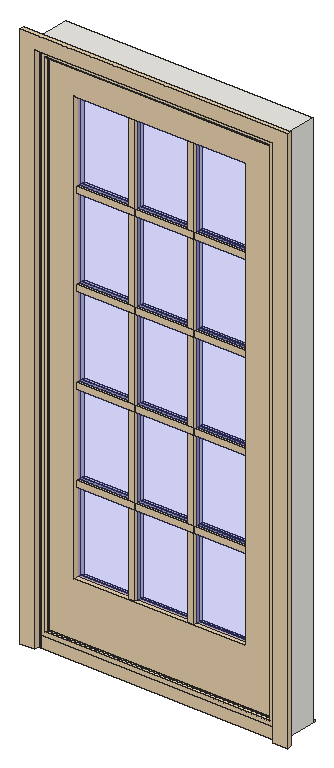
Revit family "1Door-Inswing-Andersen-400_Series-Stationary", category Doors, host Wall, Revit 2013
Parameters
  Visual Light Transmittance = 0.37  # constant formula
  Type Comments = "Vinyl-clad wood stationary inswing door"
  Thermal Resistance (R) = 0.58698  # 3.3330 (h·ft²·°F)/BTU
  Solar Heat Gain Coefficient = 0.16  # constant formula
  Rough Width = Width + (Rough Opening Offset * 2)  # 3' - 1 1/4"
  Rough Opening Offset = 0' - 0 3/8"
  Rough Height = if(1 > 0, Height + 0' 0 1/2", 0' 0")  # 6' - 8 1/2"
  Masonry Width = if(Enter Exterior Trim Number > 0, Width + ((casing4 + Masonry Opening Offset) * 2), Width + (Masonry Opening Offset * 2))  # 3' - 1 1/4"
  Masonry Opening Offset = 0' - 0 3/8"
  Masonry Height = if(Enter Exterior Trim Number > 0, Height + (casing4 + 0' 0 1/2"), Height + 0' 0 1/2")  # 6' - 8 1/2"
  Learn About These Parameters = "http://www.andersenwindows.com/for-professionals/cad-symbols-bim-support-window-doors/bim-support"
  Heat Transfer Coefficient (U) = 1.7035  # 0.3000 BTU/(h·ft²·°F)
  Grille Bar Sizes = "3/4'', 7/8'', 1 1/8'', 2 1/4''"  # constant formula
  Between Glass Grille Bar Sizes = "3/4'', 1''"  # constant formula
  Interior Trim Visibility = yes
  Grille Bar Size = 0' - 0 7/8"
  Enter Pattern Number = 1
  ..Pattern Number 1 = "Colonial"  # constant formula
  . . Lights Wide = 3
  . . Lights High = 5
  ..Pattern Number 2 = "Modified Colonial"  # constant formula
  ..Pattern Number 3 = "Prairie"  # constant formula
  ..Pattern Number 4 = "Short Fractional"  # constant formula
  ..Pattern Number 5 = "Tall Fractional"  # constant formula
  Extension Jamb Visibility = yes
  Enter Exterior Trim Number = 0
  ..Exterior Trim Number 0 = "No Exterior Trim"  # constant formula
  ..Exterior Trim Number 1 = "Brick Mould"  # constant formula
  ..Exterior Trim Number 2 = "3 1/2'' Flat Casing"  # constant formula
  ..Exterior Trim Number 3 = "4 1/2'' Flat Casing"  # constant formula
  Interior Grille Bar Visibility = yes
  Exterior Grille Bar Visibility = yes
  Between Glass Grille Bar Visibility = yes
  xjamb Visibility [instance] = and(Extension Jamb Visibility, Wall Depth > 0' 4 9/16")  # no
  xjamb S1 [instance] = if(Wall Depth < 0' 4 5/8", 0' 0 1/16", 0' 0")  # 0' - 0 1/16"
  casingS2 = if(Enter Exterior Trim Number = 1, 0' 0 3/16", 0' 0 3/16")  # 0' - 0 3/16"
  casingS1 = if(Enter Exterior Trim Number = 1, 0' 0 7/16", 0' 0 3/16")  # 0' - 0 3/16"
  casing4 = if(Enter Exterior Trim Number = 1, 0' 1 3/4", if(Enter Exterior Trim Number = 2, 0' 3 1/4", 0' 4 1/4"))  # 0' - 4 1/4"
  casing3 = 0' - 0 1/2"  # constant formula
  casing2 = 0' - 0 7/8"  # constant formula
  casing1 = 0' - 0 1/4"  # constant formula
  Wall Thickness [instance] = 0' - 8"
  Wall Depth [instance] = 0' - 4 9/16"
  Void Offset 1 [instance] = if(Enter Exterior Trim Number > 0, casing4, 0' 0")  # 0' - 0"
  Void Depth [instance] = if(Wall Thickness > Wall Depth, 0' 1" + Wall Thickness - Wall Depth, 0' 1")  # 0' - 4 7/16"
  VGB DLO = if(Enter Pattern Number = 3, 0' 4", (H DLO - (Grille Bar Size * (V Bars))) / if(LWide > 2, LWide, 3))  # 0' - 7.83333"
  V Bars = if(Enter Pattern Number = 3, 2, if(LWide > 2, LWide - 1, 2))  # 2
  URL = "www.andersenwindows.com"
  TS V DLO = Height - HGO - SGO  # 5' - 3 7/8"
  TS V Bar Length = if(or(Enter Pattern Number = 5, Enter Pattern Number = 2), ((((Height - HGO - SGO - (Grille Bar Size * (Fractional Lights High - 1))) / Fractional Lights High)) * TFL) + (TFB * Grille Bar Size), if(Enter Pattern Number = 4, ((Height - HGO - SGO - (Grille Bar Size * (Fractional Lights High - 1))) / Fractional Lights High), Height - HGO - SGO))  # 5' - 3 7/8"
  TS SH DLO = if(or(Enter Pattern Number = 5, Enter Pattern Number = 2), ((((Height - HGO - SGO - (Grille Bar Size * (Fractional Lights High - 1))) / Fractional Lights High)) * TFL) + (TFB * Grille Bar Size) + HGO + (Grille Bar Size / 2), if(Enter Pattern Number = 4, TS V Bar Length + HGO + (Grille Bar Size / 2), (TS V DLO / 2) + HGO))  # 3' - 1 9/16"
  TS S V = or(and(LWide = 2, Enter Pattern Number = 1), and(Fractional Lights Wide = 2, or(or(Enter Pattern Number = 2, Enter Pattern Number = 4), Enter Pattern Number = 5)))  # no
  TS S H Craftsman = and(Enter Pattern Number = 2, or(Fractional Lights High = 4, Fractional Lights High = 5))  # no
  TS S H = or(or(or(and(. . Lights High = 2, Enter Pattern Number = 1), and(Enter Pattern Number = 4, Fractional Lights High > 1)), and(Enter Pattern Number = 5, Fractional Lights High > 1)), and(Enter Pattern Number = 2, Fractional Lights High > 1))  # no
  TS M V = or(or(or(or(or(and(LWide > 2, Enter Pattern Number = 1), and(LWide > 2, Enter Pattern Number = 2)), Enter Pattern Number = 3), Enter Pattern Number = 4), Enter Pattern Number = 5), and(LWide > 2, Enter Pattern Number = 6))  # yes
  TS M H = or(or(Enter Pattern Number = 3, and(. . Lights High > 2, Enter Pattern Number = 1)), and(Enter Pattern Number = 2, Fractional Lights High > 5))  # yes
  TS HGB DLO = if(Enter Pattern Number = 1, if(. . Lights High > 2, ((TS V Bar Length - (Grille Bar Size * (. . Lights High - 1))) / . . Lights High), 0' 4"), if(Enter Pattern Number = 3, 0' 4", if(Fractional Lights High > 2, ((TS V Bar Length - (Grille Bar Size * 2)) / 3), 0' 4")))  # 1' - 0.075"
  TS H Bars = if(Enter Pattern Number = 3, 2, if(Enter Pattern Number = 1, if(. . Lights High > 2, . . Lights High - 1, 2), 2))  # 4
  TFL = if(Fractional Lights High > 5, 3, if(or(Fractional Lights High = 4, Fractional Lights High = 5), 2, if(or(Fractional Lights High = 2, Fractional Lights High = 3), 1, 1)))  # 3
  TFB = TFL - 1  # 2
  Sill Interior Offset [instance] = 0' - 0"  # constant formula
  Sill Height [instance] = 0' - 1 11/16"  # constant formula
  Panel Bottom Inset [instance] = 0' - 1 7/8"  # constant formula
  Sill Depth [instance] = 0' - 6 7/32"  # constant formula
  SGO = 0' - 10 1/2"  # constant formula
  Product Documentation Link = "http://www.andersenwindows.com/products/400-series-frenchwood-hinged-patio-door/"
  Panel Width = Width - 0' 1 3/16" - 0' 1 3/16"  # 2' - 10 1/8"
  Panel Height [instance] = CTRL Height - 0' 1 3/16" - Panel Bottom Inset  # 6' - 4 15/16"
  Nail Fin Visibility = Enter Exterior Trim Number = 0  # yes
  Model = "400 Series"  # constant formula
  Manufacturer = "Andersen Corporation"  # constant formula
  LWide = if(Enter Pattern Number = 3, 3, if(Enter Pattern Number = 1, . . Lights Wide, Fractional Lights Wide))  # 3
  JGO = 0' - 5 5/8"  # constant formula
  Is Outswing = 1 = 1  # yes
  Interior Unit Finish = Wood - Andersen - Pine
  Interior Trim Size = 0' - 2 1/4"
  HGO = 0' - 5 5/8"  # constant formula
  H DLO = Width - (JGO * 2)  # 2' - 1 1/4"
  Glazing Material = Glass ‐ Andersen - Low-E4 SmartSun
  Function = Exterior
  Height = 6' - 8"
  Wall Closure = By host
  Width = 3' - 0 1/2"
  Frame Interior Inset [instance] = 0' - 0"  # constant formula
  Frame Depth [instance] = 0' - 5 7/8"  # constant formula
  Fractional Lights Wide = 4
  Fractional Lights High = 6
  Family Version = "06.01.14"  # constant formula
  Exterior Unit Finish = Fiberglass - Andersen - White
  Exterior Trim Finish = Fibrex Composite - Andersen - White
  Designation = "FWH"
  Description = "Vinyl-clad wood stationary inswing door"  # constant formula
  Coarse Plan [instance] = if(Wall Depth > Wall Thickness, Wall Thickness, Wall Depth)  # 0' - 4 9/16"
  Casing Visibility [instance] = Enter Exterior Trim Number > 0  # no
  CTRL Height [instance] = Height  # 6' - 8"
  Between Glass Grille Bar Finish = Stainless Steel - Andersen - Standard
  BS V DLO = Height - HGO - SGO  # 5' - 3 7/8"
  BS SH DLO = if(Enter Pattern Number = 5, SGO + 0' 4" + (Grille Bar Size / 2), (BS V DLO / 2) + SGO)  # 3' - 6 7/16"
  BS S V = and(LWide = 2, Enter Pattern Number = 1)  # no
  BS M V = or(or(and(LWide > 2, Enter Pattern Number = 1), Enter Pattern Number = 3), Enter Pattern Number = 5)  # yes
  Assembly Code = "B2030100"
Reference planes (in)
  plane 1 "Center (Front/Back)": y = 0
  plane 2 "Center (Left/Right)": x = 0
  plane 3 "R Frame": x = -18.25
  plane 4 "L Frame": x = 18.25
  plane 5 "T Frame": z = 80
  plane 6 "Wall S1": y = 4
  plane 7 "Wall S2": y = -4
  plane 8 "Interior Casing": y = -4.625
  plane 9 "Frame S2": y = -4
  plane 10 "Flange": y = 0.5625
  plane 11 "Casing S2": y = 2.0625
  plane 12 "Casing S1": y = 2.0625
  plane 13 "Exterior Offset": y = 5
  plane 14 "Coarse Detail Plan": y = 1.5625
  plane 15 "R Rough Opening": x = -18.625
  plane 16 "R Casing 1": x = -18
  plane 17 "R Casing 2": x = -21.625
  plane 18 "R Casing 3": x = -22
  plane 19 "R Casing 4": x = -22.5
  plane 20 "R Masonry Opening": x = -18.625
  plane 21 "L Masonry Opening": x = 18.625
  plane 22 "L Casing 4": x = 22.5
  plane 23 "L Casing 3": x = 22
  plane 24 "L Casing 2": x = 21.625
  plane 25 "L Casing 1": x = 18
  plane 26 "L Rough Opening": x = 18.625
  plane 27 "T Rough Opening": z = 80.5
  plane 28 "T Casing 1": z = 79.75
  plane 29 "T Casing 2": z = 83.375
  plane 30 "T Casing 3": z = 83.75
  plane 31 "T Casing 4": z = 84.25
  plane 32 "T Masonry Opening": z = 80.5
  plane 33 "R Int Casing": x = -19.75
  plane 34 "R Xjamb 2": x = -18.125
  plane 35 "R Ext Frame": x = -17.21875
  plane 36 "L Int Casing": x = 19.75
  plane 37 "L Xjamb 2": x = 18.125
  plane 38 "L Ext Frame": x = 17.21875
  plane 39 "T Int Casing": z = 81.21875
  plane 40 "T Xjamb 2": z = 79.875
  plane 41 "T Ext Frame": z = 78.96875
  plane 42 "L Panel": x = 17.0625
  plane 43 "R Panel": x = -17.0625
  plane 44 "T Panel": z = 78.8125
  plane 45 "B Panel": z = 1.875
  plane 46 "B Glazing": z = 10.5
  plane 47 "T Glazing": z = 74.375
  plane 48 "L Glazing": x = 12.625
  plane 49 "R Glazing": x = -12.625
  plane 50 "Panel1 S1": y = -1.8125
  plane 51 "Panel1 S2": y = -3.53125
  plane 52 "Xjamb S1": y = -3.9375
  plane 53 "Frame S1": y = 1.875
  plane 54 "Stop Exterior": y = -0.64368
  plane 55 "Stop Interior": y = -1.781
  plane 56 "Sill Interior": y = -4
  plane 57 "Sill Exterior": y = 2.21875
  plane 58 "L Stop": x = 16.1875
  plane 59 "R Stop": x = -16.1875
  plane 60 "T Stop": z = 77.9375
  plane 61 "Sill Height": z = 1.6875
  plane 62 "Glass1 S1": y = -2.21875
  plane 63 "Glass1 S3": y = -2.8125
  plane 64 "Glass1 S2": y = -2.375
  plane 65 "Glass1 S4": y = -2.96875
  plane 66 "Vert Bar length": z = 10.5
  plane 67 "L Xjamb 1": x = 17.5
  plane 68 "R Xjamb S1": x = -17.5
  plane 69 "T Xjamb S1": z = 79.25
  plane 70 "Center Elevation": z = 40.34375
Forms (in)
  Extrusion 1, void
    sketch origin (0, 0, 0) x (1, 0, 0) y (0, 0, 1)
      loop
        line (18.25, 80) -> (-18.25, 80) -> (-18.25, 0) -> (18.25, 0) -> (18.25, 80)
    from -0.5625 to 4
  Extrusion 2, void
    sketch origin (0, 0, 0) x (1, 0, 0) y (0, 0, 1)
      loop
        line (18.25, 80) -> (-18.25, 80) -> (-18.25, 0) -> (18.25, 0) -> (18.25, 80)
    from -16 to -0.5625
  Sweep 3, solid, material "Fibrex Composite - Andersen - White" <- "Exterior Trim Finish", visible <- "Casing Visibility", detail levels medium+fine
    path origin (0, 0.5625, 0) x (-1, 0, 0) y (0, 0, 1)
      loop
        line (-22.5, 0) -> (-22.5, 84.25) -> (22.5, 84.25) -> (22.5, 0)
    profile origin (22.5, 0.5625, 42.125) x (1, 0, 0) y (0, 1, 0)
      loop
        line (-0.875, 1.5) -> (-4.5, 1.5) -> (-4.5, 0) -> (0, 0) -> (0, 1.5) -> (-0.5, 1.5) -> (-0.875, 1.5)
  Extrusion 4, solid, material "Fibrex Composite - Andersen - White" <- "Exterior Trim Finish", visible <- "Casing Visibility", detail levels coarse
    sketch origin (0, 0.5625, 0) x (-1, 0, 0) y (0, 0, 1)
      loop
        line (-18, 79.75) -> (18, 79.75) -> (18, 0) -> (22.5, 0) -> (22.5, 84.25) -> (-22.5, 84.25) -> (-22.5, 0) -> (-18, 0) -> (-18, 79.75)
    from 0 to 1.4375
  Extrusion 5, solid, material "Wood - Andersen - Pine" <- "Interior Unit Finish", visible <- "Interior Trim Visibility", detail levels fine
    sketch origin (0, 0, 0) x (1, 0, 0) y (0, 0, 1)
      loop
        line (-17.5, 79.25) -> (17.5, 79.25) -> (17.5, 0) -> (19.75, 0) -> (19.75, 81.21875) -> (-19.75, 81.21875) -> (-19.75, 0) -> (-17.5, 0) -> (-17.5, 79.25)
    from 4 to 4.625
  Extrusion 6, solid, material "Wood - Andersen - Pine" <- "Interior Unit Finish", visible <- "xjamb Visibility", detail levels medium+fine
    sketch origin (0, 0, 0) x (1, 0, 0) y (0, 0, 1)
      loop
        line (-18.125, 0) -> (-17.5, 0) -> (-17.5, 79.25) -> (17.5, 79.25) -> (17.5, 0) -> (18.125, 0) -> (18.125, 79.875) -> (-18.125, 79.875) -> (-18.125, 0)
    from 3.9375 to 4
  Sweep 7, solid, material "Fiberglass - Andersen - White" <- "Exterior Unit Finish", detail levels medium+fine
    path origin (0, 0.5625, 0) x (-1, 0, 0) y (0, 0, 1)
      loop
        line (-18.25, 0) -> (-18.25, 80) -> (18.25, 80) -> (18.25, 0)
    profile origin (18.25, 0.5625, 40) x (1, 0, 0) y (0, 1, 0)
      loop
        line (0, -4.5625) -> (0, 1.3125) -> (-1.03125, 1.3125) -> (-1.03125, 0.19085) -> (-1.375, -0.04984) -> (-1.375, -1.051) -> (-2.0625, -1.20618) -> (-2.0625, -2.3435) -> (-1.61, -2.3435) -> (-1.61, -2.7805) -> (-1.03125, -2.7805) -> (-1.03125, -4.5625) -> (0, -4.5625)
  Sweep 8, solid, material "Fiberglass - Andersen - White" <- "Exterior Unit Finish", detail levels coarse
    path origin (-0.30351, 0.5625, 0) x (-1, 0, 0) y (0, 0, 1)
      loop
        line (-18.55351, 0) -> (-18.55351, 80) -> (17.94649, 80) -> (17.94649, 0)
    profile origin (18.25, 0.5625, 40) x (1, 0, 0) y (0, 1, 0)
      loop
        line (-1.03125, -4.5625) -> (0, -4.5625) -> (0, 1.3125) -> (-1.03125, 1.3125) -> (-1.03125, -4.5625)
  Sweep 9, solid, material "Aluminum - Andersen - Painted - Sandtone", detail levels medium+fine
    path origin (0, 0.5625, 0) x (-1, 0, 0) y (0, 0, 1)
      loop
        line (-18.25, 0) -> (18.25, 0)
    profile origin (0, 0.5625, 0) x (0, 0, 1) y (0, 1, 0)
      loop
        line (0.766, 0.0005) -> (0.25, 0.0005) -> (0.17176, 1.65625) -> (0, 1.65625) -> (0, -4.5625) -> (1.6875, -4.5625) -> (1.6875, -2.7805) -> (2.172, -2.7805) -> (2.172, -2.3745) -> (0.97176, -2.3745) -> (0.766, 0.0005)
  Sweep 10, solid, material "Aluminum - Andersen - Painted - Sandtone", detail levels coarse
    path origin (0, 0.5625, 0) x (-1, 0, 0) y (0, 0, 1)
      loop
        line (-18.25, 1.875) -> (18.25, 1.875)
    profile origin (0, 0.5625, 1.875) x (0, 0, 1) y (0, 1, 0)
      loop
        line (0, 1.65625) -> (-1.875, 1.65625) -> (-1.875, -4.5625) -> (0, -4.5625) -> (0, 1.65625)
  Sweep 11, solid, material "Wood - Andersen - Pine" <- "Interior Unit Finish"
    path origin (0, 0.5625, 4.24484) x (-1, 0, 0) y (0, 0, 1)
      loop
        line (-12.625, 6.25516) -> (12.625, 6.25516)
    profile origin (0, 0.5625, 10.5) x (0, 0, 1) y (0, 1, 0)
      loop
        line (-8.625, -4.09375) -> (0, -4.09375) -> (0, -2.78125) -> (-8.625, -2.78125) -> (-8.625, -4.09375)
      loop
        line (63.875, -4.09375) -> (68.3125, -4.09375) -> (68.3125, -2.78125) -> (63.875, -2.78125) -> (63.875, -4.09375)
  Sweep 12, solid, material "Fiberglass - Andersen - White" <- "Exterior Unit Finish"
    path origin (0, -2.21875, 0) x (-1, 0, 0) y (0, 0, 1)
      loop
        line (-12.625, 10.5) -> (12.625, 10.5)
    profile origin (0, -2.21875, 10.5) x (0, 0, 1) y (0, 1, 0)
      loop
        line (-8.625, 0) -> (0, 0) -> (0, 0.40625) -> (-8.625, 0.40625) -> (-8.625, 0)
      loop
        line (63.875, 0) -> (68.3125, 0) -> (68.3125, 0.40625) -> (63.875, 0.40625) -> (63.875, 0)
  Sweep 13, solid, material "Wood - Andersen - Pine" <- "Interior Unit Finish"
    path origin (0, 0.5625, 0) x (-1, 0, 0) y (0, 0, 1)
      loop
        line (0, 1.875) -> (0, 78.8125)
    profile origin (0, 0.5625, 40.34375) x (1, 0, 0) y (0, 1, 0)
      loop
        line (-17.0625, -2.78125) -> (-17.0625, -4.09375) -> (-12.625, -4.09375) -> (-12.625, -2.78125) -> (-17.0625, -2.78125)
      loop
        line (17.0625, -2.78125) -> (12.625, -2.78125) -> (12.625, -4.09375) -> (17.0625, -4.09375) -> (17.0625, -2.78125)
  Sweep 14, solid, material "Fiberglass - Andersen - White" <- "Exterior Unit Finish"
    path origin (0.20798, 0.5625, 0) x (-1, 0, 0) y (0, 0, 1)
      loop
        line (0.20798, 1.875) -> (0.20798, 78.8125)
    profile origin (0, 0.5625, 40.34375) x (1, 0, 0) y (0, 1, 0)
      loop
        line (-17.0625, -2.375) -> (-17.0625, -2.78125) -> (-12.625, -2.78125) -> (-12.625, -2.375) -> (-17.0625, -2.375)
      loop
        line (17.0625, -2.375) -> (12.625, -2.375) -> (12.625, -2.78125) -> (17.0625, -2.78125) -> (17.0625, -2.375)
  Sweep 15, void
    path origin (0, 0.5625, 0) x (-1, 0, 0) y (0, 0, 1)
      loop
        line (17.0625, 1.875) -> (17.0625, 78.8125) -> (-17.0625, 78.8125) -> (-17.0625, 1.875) -> (17.0625, 1.875)
    profile origin (0, 0.5625, 1.875) x (0, 0, -1) y (0, 1, 0)
      loop
        line (-0.297, -2.375) -> (-0.297, -2.81175) -> (0, -2.81175) -> (0, -2.375) -> (-0.297, -2.375)
  Sweep 16, solid, material "Glass ‐ Andersen - Low-E4 SmartSun" <- "Glazing Material"
    path origin (0, 0, 0) x (0, 1, 0) y (0, 0, 1)
      loop
        line (-2.21875, 10.5) -> (-2.8125, 10.5)
    profile origin (0, -2.51562, 10.5) x (0, 0, -1) y (1, 0, 0)
      loop
        line (-63.875, 12.625) -> (-63.875, -12.625) -> (0, -12.625) -> (0, 12.625) -> (-63.875, 12.625)
  Sweep 17, solid, material "Wood - Andersen - Pine" <- "Interior Unit Finish", detail levels medium+fine
    path origin (0, 0.5625, 0.11822) x (-1, 0, 0) y (0, 0, 1)
      loop
        line (-17.21875, 1.56928) -> (17.21875, 1.56928) -> (17.21875, 78.85053) -> (-17.21875, 78.85053) -> (-17.21875, 1.56928)
    profile origin (0, 0.5625, 1.6875) x (0, 0, 1) y (0, 1, 0)
      loop
        line (0, -4.09375) -> (0, -4.5935) -> (0.63827, -4.5935) -> (0.8433, -4.3415) -> (0.8743, -4.1555) -> (0.8743, -4.09375) -> (0, -4.09375)
  Sweep 18, void
    path origin (0, 0, 0) x (1, 0, 0) y (0, 0, 1)
      loop
        line (0, 0) -> (0, 1.875)
    profile origin (0, 0, 0.9375) x (-1, 0, 0) y (0, -1, 0)
      loop
        line (-17.21875, -1.875) -> (-17.21875, 4) -> (-18.25, 4) -> (-18.25, -1.875) -> (-17.21875, -1.875)
      loop
        line (17.21875, -1.875) -> (18.25, -1.875) -> (18.25, 4) -> (17.21875, 4) -> (17.21875, -1.875)
  Sweep 19, void
    path origin (-10.25, 0.5625, 0) x (-1, 0, 0) y (0, 0, 1)
      loop
        line (-10.25, 0) -> (-10.25, 10.5)
    profile origin (0, 0.5625, 5.25) x (1, 0, 0) y (0, 1, 0)
      loop
        line (18.25, -4.5625) -> (18.25, 1.3125) -> (17.21875, 1.3125) -> (17.21875, 0.19085) -> (16.875, -0.04984) -> (16.875, -1.051) -> (16.1875, -1.20618) -> (16.1875, -2.3435) -> (16.64, -2.3435) -> (16.64, -2.7805) -> (17.21875, -2.7805) -> (17.21875, -4.5625) -> (18.25, -4.5625)
      loop
        line (-18.25, -4.5625) -> (-17.21875, -4.5625) -> (-17.21875, -2.7805) -> (-16.64, -2.7805) -> (-16.64, -2.3435) -> (-16.1875, -2.3435) -> (-16.1875, -1.20618) -> (-16.875, -1.051) -> (-16.875, -0.04984) -> (-17.21875, 0.19085) -> (-17.21875, 1.3125) -> (-18.25, 1.3125) -> (-18.25, -4.5625)
Cuts and joins
  Sweep 15 cuts Sweep 11
  Sweep 15 cuts Sweep 13
  joined: Sweep 11, Sweep 13
  Sweep 15 cuts Sweep 12
  Sweep 15 cuts Sweep 14
  joined: Sweep 12, Sweep 14
  Sweep 18 cuts Sweep 10
  Sweep 19 cuts Sweep 9
Lines and regions (in)
  Masking region 1, visible <- "Casing Visibility"
    outline origin (0, 0, 0) x (0, 1, 0) y (0, 0, 1)
      loop
        line (0.5625, 80) -> (1.875, 80) -> (1.875, 0) -> (2.0625, 0) -> (2.0625, 84.25) -> (0.5625, 84.25) -> (0.5625, 80)
  Masking region 2
    outline origin (0, 0, 0) x (1, 0, 0) y (0, 1, 0)
      loop
        line (-18.25, 2.21875) -> (-18.25, -4) -> (18.25, -4) -> (18.25, 2.21875) -> (-18.25, 2.21875)
  Masking region 3
    outline origin (0, 0, 0) x (0, 1, 0) y (0, 0, 1)
      loop
        line (1.875, 80) -> (-4, 80) -> (-4, 0) -> (1.875, 0) -> (1.875, 80)
  Masking region 4, visible <- "Casing Visibility", detail levels fine
    outline origin (0, 0, 0) x (1, 0, 0) y (0, 1, 0)
      loop
        line (-22, 2.0625) -> (-22.5, 2.0625) -> (-22.5, 0.5625) -> (-18.25, 0.5625) -> (-18.25, 1.875) -> (-18, 1.875) -> (-18, 2.0625) -> (-21.625, 2.0625) -> (-22, 2.0625)
  Masking region 5, visible <- "Casing Visibility", detail levels fine
    outline origin (0, 0, 0) x (1, 0, 0) y (0, 1, 0)
      loop
        line (22, 2.0625) -> (21.625, 2.0625) -> (18, 2.0625) -> (18, 1.875) -> (18.25, 1.875) -> (18.25, 0.5625) -> (22.5, 0.5625) -> (22.5, 2.0625) -> (22, 2.0625)
  Masking region 6, visible <- "Casing Visibility", detail levels coarse+medium
    outline origin (0, 0, 0) x (1, 0, 0) y (0, 1, 0)
      loop
        line (-22.5, 2.0625) -> (-22.5, 0.5625) -> (-18.25, 0.5625) -> (-18.25, 2.0625) -> (-22.5, 2.0625)
  Masking region 7, visible <- "Casing Visibility", detail levels coarse+medium
    outline origin (0, 0, 0) x (1, 0, 0) y (0, 1, 0)
      loop
        line (18.25, 2.0625) -> (18.25, 0.5625) -> (22.5, 0.5625) -> (22.5, 2.0625) -> (18.25, 2.0625)
  Masking region 8, visible <- "Casing Visibility"
    outline origin (0, 2.625, 0) x (-1, 0, 0) y (0, 0, 1)
      loop
        line (-22.5, 84.25) -> (-22.5, 0) -> (-18.25, 0) -> (-18.25, 80) -> (18.25, 80) -> (18.25, 0) -> (22.5, 0) -> (22.5, 84.25) -> (-22.5, 84.25)
  Masking region 9, visible <- "Interior Trim Visibility", detail levels fine
    outline origin (0, -4.625, 0) x (-1, 0, 0) y (0, 0, 1)
      loop
        line (-19.75, 81.21875) -> (-19.75, 0) -> (-18.25, 0) -> (-18.25, 80) -> (18.25, 80) -> (18.25, 0) -> (19.75, 0) -> (19.75, 81.21875) -> (-19.75, 81.21875)
  Masking region 10
    outline origin (0, -0.64368, 0) x (-1, 0, 0) y (0, 0, 1)
      loop
        line (-18.25, 80) -> (-18.25, 0) -> (18.25, 0) -> (18.25, 80) -> (-18.25, 80)
      loop
        line (-16.1875, 77.9375) -> (-16.1875, 1.6875) -> (16.1875, 1.6875) -> (16.1875, 77.9375) -> (-16.1875, 77.9375)
  Masking region 11
    outline origin (0, -1.8125, 0) x (-1, 0, 0) y (0, 0, 1)
      loop
        line (-17.0625, 78.8125) -> (-17.0625, 1.875) -> (17.0625, 1.875) -> (17.0625, 78.8125) -> (-17.0625, 78.8125)
  Masking region 12, visible <- "Interior Trim Visibility", detail levels fine
    outline origin (0, 0, 0) x (1, 0, 0) y (0, 1, 0)
      loop
        line (-19.75, -4) -> (-19.75, -4.625) -> (-17.5, -4.625) -> (-17.5, -4) -> (-19.75, -4)
  Masking region 13, visible <- "xjamb Visibility", detail levels medium+fine
    outline origin (0, 0, 0) x (1, 0, 0) y (0, 1, 0)
      loop
        line (-18.125, -3.9375) -> (-18.125, -4) -> (-17.5, -4) -> (-17.5, -3.9375) -> (-18.125, -3.9375)
  Masking region 14, visible <- "Interior Trim Visibility", detail levels fine
    outline origin (0, 0, 0) x (1, 0, 0) y (0, 1, 0)
      loop
        line (17.5, -4) -> (17.5, -4.625) -> (19.75, -4.625) -> (19.75, -4) -> (17.5, -4)
  Masking region 15, visible <- "xjamb Visibility", detail levels medium+fine
    outline origin (0, 0, 0) x (1, 0, 0) y (0, 1, 0)
      loop
        line (17.5, -3.9375) -> (17.5, -4) -> (18.125, -4) -> (18.125, -3.9375) -> (17.5, -3.9375)
  Masking region 16, visible <- "xjamb Visibility", detail levels medium+fine
    outline origin (0, 0, 0) x (0, 1, 0) y (0, 0, 1)
      loop
        line (-3.9375, 79.875) -> (-4, 79.875) -> (-4, 0) -> (-3.9375, 0) -> (-3.9375, 79.875)
  Masking region 17, visible <- "Interior Trim Visibility", detail levels fine
    outline origin (0, 0, 0) x (0, 1, 0) y (0, 0, 1)
      loop
        line (-4, 81.21875) -> (-4.625, 81.21875) -> (-4.625, 0) -> (-4, 0) -> (-4, 81.21875)
  Split face 1
    outline origin (18.25, 2.21875, 1.875) x (-1, 0, 0) y (0, -1, 0)
      loop
        line (36.5, 4.4375) -> (0, 4.4375)
  Split face 2
    outline origin (-17.21875, -4, 78.96875) x (0, 0, -1) y (0, 1, 0)
      loop
        line (0, 1.78125) -> (78.96875, 1.78125)
  Split face 3
    outline origin (17.21875, -4, 78.96875) x (0, 1, 0) y (-1, 0, 0)
      loop
        line (1.78125, 34.4375) -> (1.78125, 0)
  Split face 4
    outline origin (17.21875, -4, 0) x (0, 0, 1) y (0, 1, 0)
      loop
        line (78.96875, 1.78125) -> (0, 1.78125)
  symbolic lines, style "DoorsFrameMullionProjection", visible <- "Casing Visibility", detail levels medium+fine
    curve 1: line (0, 2.0625, 83.75) -> (0, 2.0625, 83.375)
    curve 2: line (0, 2.0625, 83.375) -> (0, 2.0625, 79.75)
    curve 3: line (0, 2.0625, 79.75) -> (0, 1.875, 79.75)
  symbolic lines, style "DoorsFrameMullionProjection", detail levels coarse
    curve 4: line (0, 1.875, 80) -> (0, 2.0625, 80)
    curve 31: line (-17.21875, 1.875, 1.875) -> (-18.25, 1.875, 1.875)
    curve 32: line (17.21875, 1.875, 1.25) -> (17.21875, -4, 1.25)
    curve 33: line (17.21875, 1.875, 1.25) -> (18.25, 1.875, 1.25)
    curve 46: line (-17.21875, 1.875, 1.25) -> (-17.21875, -4, 1.25)
    curve 47: line (-17.21875, 1.875, 1.25) -> (-18.25, 1.875, 1.25)
    curve 84: line (0, 2.21875, 0) -> (0, 2.21875, 1.6875)
    curve 85: line (0, 2.21875, 1.6875) -> (0, -4, 1.6875)
    curve 231: line (18.125, 1.875, 1.875) -> (17.21875, 1.875, 1.875)
    curve 234: line (0, -4, 78.96875) -> (0, 1.875, 78.96875)
    curve 265: line (0, -2.46775, 78.8125) -> (0, -1.8125, 78.8125)
    curve 266: line (0, -1.8125, 78.8125) -> (0, -1.8125, 78.19615)
  symbolic lines, style "DoorsFrameMullionProjection", detail levels medium+fine
    curve 5: line (-17.875, -4, 1.875) -> (-18.25, -4, 1.875)
    curve 34: line (17.21875, -4, 1.25) -> (17.21875, -2.218, 1.25)
    curve 35: line (17.21875, -2.218, 1.25) -> (16.64, -2.218, 1.25)
    curve 36: line (16.1875, -1.781, 1.25) -> (16.1875, -0.64368, 1.25)
    curve 37: line (16.875, 0.51266, 1.25) -> (17.21875, 0.75335, 1.25)
    curve 38: line (17.21875, 0.75335, 1.25) -> (17.21875, 1.875, 1.25)
    curve 39: line (18.25, 1.875, 1.25) -> (18.25, -4, 1.25)
    curve 41: line (16.64, -1.781, 1.25) -> (16.1875, -1.781, 1.25)
    curve 42: line (16.64, -2.218, 1.25) -> (16.64, -1.781, 1.25)
    curve 43: line (16.875, -0.4885, 1.25) -> (16.875, 0.51266, 1.25)
    curve 44: line (16.1875, -0.64368, 1.25) -> (16.875, -0.4885, 1.25)
    curve 48: line (-17.21875, -4, 1.25) -> (-17.21875, -2.218, 1.25)
    curve 49: line (-17.21875, -2.218, 1.25) -> (-16.64, -2.218, 1.25)
    curve 50: line (-16.1875, -1.781, 1.25) -> (-16.1875, -0.64368, 1.25)
    curve 51: line (-16.875, 0.51266, 1.25) -> (-17.21875, 0.75335, 1.25)
    curve 52: line (-17.21875, 0.75335, 1.25) -> (-17.21875, 1.875, 1.25)
    curve 53: line (-18.25, 1.875, 1.25) -> (-18.25, -4, 1.25)
    curve 55: line (-16.64, -1.781, 1.25) -> (-16.1875, -1.781, 1.25)
    curve 56: line (-16.64, -2.218, 1.25) -> (-16.64, -1.781, 1.25)
    curve 57: line (-16.875, -0.4885, 1.25) -> (-16.875, 0.51266, 1.25)
    curve 58: line (-16.1875, -0.64368, 1.25) -> (-16.875, -0.4885, 1.25)
    curve 86: line (0, 0.5625, 0.25002) -> (0, 2.21875, 0.17176)
    curve 87: line (0, 2.21875, 0.17176) -> (0, 2.21875, 0)
    curve 88: line (0, -4, 0) -> (0, -4, 1.6875)
    curve 89: line (0, -1.812, 0.97176) -> (0, -1.812, 2.172)
    curve 90: line (0, -1.812, 0.97176) -> (0, 0.5625, 0.76604)
    curve 91: line (0, 0.5625, 0.76604) -> (0, 0.5625, 0.25002)
    curve 92: line (0, -2.218, 1.6875) -> (0, -2.218, 2.172)
    curve 93: line (0, -2.218, 2.172) -> (0, -1.812, 2.172)
    curve 94: line (0, -4, 1.6875) -> (0, -2.218, 1.6875)
    curve 235: line (0, -0.64368, 77.9375) -> (0, -1.781, 77.9375)
    curve 236: line (0, -0.4885, 78.625) -> (0, -0.64368, 77.9375)
    curve 237: line (0, -0.4885, 78.625) -> (0, 0.51266, 78.625)
    curve 238: line (0, 0.51266, 78.625) -> (0, 0.75335, 78.96875)
    curve 239: line (0, 0.75335, 78.96875) -> (0, 1.875, 78.96875)
    curve 242: line (0, -4, 80) -> (0, 1.875, 80)
    curve 243: line (0, -1.781, 78.39) -> (0, -1.781, 77.9375)
    curve 244: line (0, -2.218, 78.39) -> (0, -1.781, 78.39)
    curve 245: line (0, -2.218, 78.96875) -> (0, -2.218, 78.39)
    curve 246: line (0, -4, 78.96875) -> (0, -2.218, 78.96875)
    curve 250: line (0, -2.45699, 78.19615) -> (0, -1.8125, 78.19615)
    curve 251: line (0, -2.46775, 78.8125) -> (0, -2.45699, 78.19615)
    curve 267: line (17.21875, -4.031, 1.25) -> (16.58048, -4.031, 1.25)
    curve 268: line (16.37545, -3.779, 1.25) -> (16.34445, -3.593, 1.25)
    curve 269: line (16.58048, -4.031, 1.25) -> (16.37545, -3.779, 1.25)
    curve 270: line (16.34445, -3.593, 1.25) -> (16.34445, -3.53358, 1.25)
    curve 271: line (17.21875, -4.031, 1.25) -> (17.21875, -4, 1.25)
    curve 277: line (-17.21875, -4.031, 1.25) -> (-16.58048, -4.031, 1.25)
    curve 278: line (-16.37545, -3.779, 1.25) -> (-16.34445, -3.593, 1.25)
    curve 279: line (-16.58048, -4.031, 1.25) -> (-16.37545, -3.779, 1.25)
    curve 280: line (-16.34445, -3.593, 1.25) -> (-16.34445, -3.53358, 1.25)
    curve 281: line (-17.21875, -4.031, 1.25) -> (-17.21875, -4, 1.25)
    curve 282: line (0, -3.779, 2.5308) -> (0, -3.593, 2.5618)
    curve 283: line (0, -3.593, 2.5618) -> (0, -3.531, 2.5618)
    curve 284: line (0, -4.031, 2.32577) -> (0, -3.779, 2.5308)
    curve 285: line (0, -4.031, 1.6875) -> (0, -4.031, 2.32577)
    curve 286: line (0, -4.031, 1.6875) -> (0, -4, 1.6875)
    curve 292: line (0, -3.779, 78.12545) -> (0, -3.593, 78.09445)
    curve 293: line (0, -3.593, 78.09445) -> (0, -3.53075, 78.09445)
    curve 294: line (0, -4.031, 78.33048) -> (0, -3.779, 78.12545)
    curve 295: line (0, -4.031, 78.96875) -> (0, -4.031, 78.33048)
    curve 296: line (0, -4.031, 78.96875) -> (0, -4, 78.96875)
    curve 302: line (17.21875, -3.53125, 1.25) -> (17.0625, -3.53125, 1.25)
    curve 304: line (-17.21875, -3.53125, 1.25) -> (-17.0625, -3.53125, 1.25)
    curve 305: line (0, -3.53125, 1.6875) -> (0, -3.53125, 1.875)
    curve 307: line (0, -3.53125, 78.96875) -> (0, -3.53125, 78.8125)
  symbolic lines, style "DoorsFrameMullionProjection"
    curve 6: line (16.1875, -0.64368, 1.6875) -> (16.1875, -0.64368, 0)
    curve 7: line (-16.1875, -0.64368, 1.6875) -> (-16.1875, -0.64368, 0)
    curve 8: line (-17.21875, -1.8125, 78.96875) -> (-17.21875, -1.8125, 0)
    curve 9: line (17.21875, -1.8125, 78.96875) -> (17.21875, -1.8125, 0)
    curve 13: line (-17.21875, -1.8125, 78.96875) -> (17.21875, -1.8125, 78.96875)
    curve 40: line (18.25, -4, 1.25) -> (17.21875, -4, 1.25)
    curve 45: line (18.25, 1.875, 1.25) -> (17.21875, 1.875, 1.25)
    curve 54: line (-18.25, -4, 1.25) -> (-17.21875, -4, 1.25)
    curve 59: line (-18.25, 1.875, 1.25) -> (-17.21875, 1.875, 1.25)
    curve 240: line (0, 1.875, 78.96875) -> (0, 1.875, 80)
    curve 241: line (0, -4, 78.96875) -> (0, -4, 80)
    curve 247: line (0, -1.8125, 78.19615) -> (0, -1.8125, 74.375)
    curve 248: line (0, -3.53075, 78.8125) -> (0, -3.53075, 74.375)
    curve 249: line (0, -3.53075, 78.8125) -> (0, -2.46775, 78.8125)
    curve 252: line (0, -3.53075, 75.125) -> (0, -2.2185, 75.125)
    curve 253: line (0, -3.4685, 75.125) -> (0, -3.4685, 74.61103)
    curve 254: line (0, -3.53075, 75.125) -> (0, -3.4685, 75.125)
    curve 255: line (0, -2.2185, 75.125) -> (0, -2.2185, 74.375)
    curve 256: line (0, -2.1245, 74.375) -> (0, -1.8125, 74.40532)
    curve 257: line (0, -2.2185, 74.375) -> (0, -2.1245, 74.375)
    curve 258: line (0, -3.0305, 74.375) -> (0, -2.9685, 74.375)
    curve 259: line (0, -3.2165, 74.406) -> (0, -3.0305, 74.375)
    curve 260: line (0, -3.4685, 74.61103) -> (0, -3.2165, 74.406)
    curve 262: line (0, -2.9685, 75.125) -> (0, -2.9685, 74.375)
  symbolic lines, style "DoorsFrameMullionProjection", detail levels fine
    curve 10: line (-17.875, -1.8125, 79.625) -> (-17.875, -1.8125, 0.04794)
    curve 11: line (17.875, -1.8125, 79.625) -> (17.875, -1.8125, 0)
    curve 12: line (-17.875, -1.8125, 79.625) -> (17.875, -1.8125, 79.625)
  symbolic lines, style "DoorsFrameMullionProjection", visible <- "Nail Fin Visibility", detail levels medium+fine
    curve 14: line (-19.875, 0.5625, 0) -> (-18.25, 0.5625, 0)
    curve 15: line (19.875, 0.5625, 0) -> (18.25, 0.5625, 0)
    curve 16: line (0, 0.5625, 81.625) -> (0, 0.5625, 80)
  symbolic lines, style "DoorsFrameMullionProjection", not visible, detail levels medium+fine
    curve 17: line (17.21875, -4.25, 1.25) -> (17.21875, -2.468, 1.25)
    curve 18: line (17.21875, -2.468, 1.25) -> (16.64, -2.468, 1.25)
    curve 19: line (16.1875, -2.031, 1.25) -> (16.1875, -0.89368, 1.25)
    curve 20: line (16.875, 0.26266, 1.25) -> (17.21875, 0.50335, 1.25)
    curve 21: line (17.21875, 0.50335, 1.25) -> (17.21875, 1.625, 1.25)
    curve 22: line (18.25, 1.625, 1.25) -> (18.25, -4.25, 1.25)
    curve 24: line (16.64, -2.031, 1.25) -> (16.1875, -2.031, 1.25)
    curve 25: line (16.64, -2.468, 1.25) -> (16.64, -2.031, 1.25)
    curve 26: line (16.875, -0.7385, 1.25) -> (16.875, 0.26266, 1.25)
    curve 27: line (16.1875, -0.89368, 1.25) -> (16.875, -0.7385, 1.25)
    curve 61: line (0, -0.64368, 77.9375) -> (0, -1.781, 77.9375)
    curve 62: line (0, -0.4885, 78.625) -> (0, -0.64368, 77.9375)
    curve 63: line (0, -0.4885, 78.625) -> (0, 0.51266, 78.625)
    curve 64: line (0, 0.51266, 78.625) -> (0, 0.75335, 78.96875)
    curve 65: line (0, 0.75335, 78.96875) -> (0, 1.875, 78.96875)
    curve 68: line (0, -4, 80) -> (0, 1.875, 80)
    curve 69: line (0, -1.781, 78.39) -> (0, -1.781, 77.9375)
    curve 70: line (0, -2.218, 78.39) -> (0, -1.781, 78.39)
    curve 71: line (0, -2.218, 78.96875) -> (0, -2.218, 78.39)
    curve 72: line (0, -4, 78.96875) -> (0, -2.218, 78.96875)
    curve 75: line (0, 0.5625, 0.25002) -> (0, 2.21875, 0.17176)
    curve 76: line (0, 2.21875, 0.17176) -> (0, 2.21875, 0)
    curve 77: line (0, -4, 0) -> (0, -4, 1.6875)
    curve 78: line (0, -1.812, 0.97176) -> (0, -1.812, 2.172)
    curve 79: line (0, -1.812, 0.97176) -> (0, 0.5625, 0.76604)
    curve 80: line (0, 0.5625, 0.76604) -> (0, 0.5625, 0.25002)
    curve 81: line (0, -2.218, 1.6875) -> (0, -2.218, 2.172)
    curve 82: line (0, -2.218, 2.172) -> (0, -1.812, 2.172)
    curve 83: line (0, -4, 1.6875) -> (0, -2.218, 1.6875)
    curve 138: line (0, -2.45699, 78.19615) -> (0, -1.8125, 78.19615)
    curve 139: line (0, -2.46775, 78.8125) -> (0, -2.45699, 78.19615)
    curve 272: line (17.21875, -4.281, 1.25) -> (16.58048, -4.281, 1.25)
    curve 273: line (16.37545, -4.029, 1.25) -> (16.34445, -3.843, 1.25)
    curve 274: line (16.58048, -4.281, 1.25) -> (16.37545, -4.029, 1.25)
    curve 275: line (16.34445, -3.843, 1.25) -> (16.34445, -3.78358, 1.25)
    curve 276: line (17.21875, -4.281, 1.25) -> (17.21875, -4.25, 1.25)
    curve 287: line (0, -3.779, 2.5308) -> (0, -3.593, 2.5618)
    curve 288: line (0, -3.593, 2.5618) -> (0, -3.531, 2.5618)
    curve 289: line (0, -4.031, 2.32577) -> (0, -3.779, 2.5308)
    curve 290: line (0, -4.031, 1.6875) -> (0, -4.031, 2.32577)
    curve 291: line (0, -4.031, 1.6875) -> (0, -4, 1.6875)
    curve 297: line (0, -3.779, 78.12545) -> (0, -3.593, 78.09445)
    curve 298: line (0, -3.593, 78.09445) -> (0, -3.53075, 78.09445)
    curve 299: line (0, -4.031, 78.33048) -> (0, -3.779, 78.12545)
    curve 300: line (0, -4.031, 78.96875) -> (0, -4.031, 78.33048)
    curve 301: line (0, -4.031, 78.96875) -> (0, -4, 78.96875)
    curve 303: line (17.21875, -3.78125, 1.25) -> (17.0625, -3.78125, 1.25)
    curve 306: line (0, -3.53125, 1.6875) -> (0, -3.53125, 1.875)
    curve 308: line (0, -3.53125, 78.96875) -> (0, -3.53125, 78.8125)
  symbolic lines, style "DoorsFrameMullionProjection", not visible
    curve 23: line (18.25, -4.25, 1.25) -> (17.21875, -4.25, 1.25)
    curve 28: line (18.25, 1.625, 1.25) -> (17.21875, 1.625, 1.25)
    curve 66: line (0, 1.875, 78.96875) -> (0, 1.875, 80)
    curve 67: line (0, -4, 78.96875) -> (0, -4, 80)
    curve 135: line (0, -1.8125, 78.19615) -> (0, -1.8125, 74.375)
    curve 136: line (0, -3.53075, 78.8125) -> (0, -3.53075, 74.375)
    curve 137: line (0, -3.53075, 78.8125) -> (0, -2.46775, 78.8125)
    curve 140: line (0, -3.53075, 75.125) -> (0, -2.2185, 75.125)
    curve 141: line (0, -3.4685, 75.125) -> (0, -3.4685, 74.61103)
    curve 142: line (0, -3.53075, 75.125) -> (0, -3.4685, 75.125)
    curve 143: line (0, -2.2185, 75.125) -> (0, -2.2185, 74.375)
    curve 144: line (0, -2.1245, 74.375) -> (0, -1.8125, 74.40532)
    curve 145: line (0, -2.2185, 74.375) -> (0, -2.1245, 74.375)
    curve 146: line (0, -3.0305, 74.375) -> (0, -2.9685, 74.375)
    curve 147: line (0, -3.2165, 74.406) -> (0, -3.0305, 74.375)
    curve 148: line (0, -3.4685, 74.61103) -> (0, -3.2165, 74.406)
    curve 150: line (0, -2.9685, 75.125) -> (0, -2.9685, 74.375)
  symbolic lines, style "DoorsFrameMullionProjection", not visible, detail levels coarse
    curve 29: line (17.21875, 1.625, 1.25) -> (17.21875, -4.25, 1.25)
    curve 30: line (17.21875, 1.625, 1.25) -> (18.25, 1.625, 1.25)
    curve 60: line (0, -4, 78.96875) -> (0, 1.875, 78.96875)
    curve 73: line (0, 2.21875, 0) -> (0, 2.21875, 1.6875)
    curve 74: line (0, 2.21875, 1.6875) -> (0, -4, 1.6875)
    curve 153: line (0, -2.46775, 78.8125) -> (0, -1.8125, 78.8125)
    curve 154: line (0, -1.8125, 78.8125) -> (0, -1.8125, 78.19615)
  symbolic lines, style "DoorsPanelProjection", not visible
    curve 95: line (0, -1.8125, 2.49066) -> (0, -1.8125, 10.5)
    curve 96: line (0, -3.531, 1.8743) -> (0, -3.531, 10.5)
    curve 97: line (0, -3.531, 1.8743) -> (0, -2.468, 1.8743)
    curve 100: line (0, -3.531, 9.75) -> (0, -2.21875, 9.75)
    curve 101: line (0, -3.46875, 9.75) -> (0, -3.46875, 10.26397)
    curve 102: line (0, -3.531, 9.75) -> (0, -3.46875, 9.75)
    curve 103: line (0, -2.21875, 9.75) -> (0, -2.21875, 10.5)
    curve 104: line (0, -2.12475, 10.5) -> (0, -1.8125, 10.46966)
    curve 105: line (0, -2.21875, 10.5) -> (0, -2.12475, 10.5)
    curve 106: line (0, -3.03075, 10.5) -> (0, -2.96875, 10.5)
    curve 107: line (0, -3.21675, 10.469) -> (0, -3.03075, 10.5)
    curve 108: line (0, -3.46875, 10.26397) -> (0, -3.21675, 10.469)
    curve 110: line (0, -2.96875, 9.75) -> (0, -2.96875, 10.5)
    curve 191: line (17.0625, -3.78125, 0) -> (12.625, -3.78125, 0)
    curve 192: line (16.44615, -2.06275, 0) -> (12.625, -2.06275, 0)
    curve 193: line (17.0625, -2.719, 0) -> (17.0625, -3.78125, 0)
  symbolic lines, style "DoorsPanelProjection", not visible, detail levels medium+fine
    curve 98: line (0, -2.45724, 2.49066) -> (0, -1.8125, 2.49066)
    curve 99: line (0, -2.468, 1.8743) -> (0, -2.45724, 2.49066)
    curve 197: line (16.44615, -2.06275, 0) -> (16.44615, -2.70824, 0)
    curve 198: line (16.44615, -2.70824, 0) -> (17.0625, -2.719, 0)
  symbolic lines, style "DoorsGlassProjection", not visible, detail levels fine
    curve 109: line (0, -2.81275, 10.085) -> (0, -2.37475, 10.085)
    curve 111: line (0, -2.81275, 9.75) -> (0, -2.81275, 10.5)
    curve 112: line (0, -2.37475, 9.75) -> (0, -2.37475, 10.5)
    curve 149: line (0, -2.8125, 74.79) -> (0, -2.3745, 74.79)
    curve 151: line (0, -2.8125, 75.125) -> (0, -2.8125, 74.375)
    curve 152: line (0, -2.3745, 75.125) -> (0, -2.3745, 74.375)
    curve 194: line (13.375, -3.0625, 0) -> (12.625, -3.0625, 0)
    curve 195: line (12.625, -2.625, 0) -> (13.375, -2.625, 0)
    curve 196: line (13.165, -2.625, 0) -> (13.165, -3.0625, 0)
  symbolic lines, style "DoorsPanelProjection", not visible, detail levels coarse
    curve 113: line (0, -2.468, 1.8743) -> (0, -1.8125, 1.8743)
    curve 114: line (0, -1.8125, 1.8743) -> (0, -1.8125, 2.49066)
    curve 199: line (17.0625, -2.06275, 0) -> (16.44615, -2.06275, 0)
    curve 200: line (17.0625, -2.06275, 0) -> (17.0625, -2.719, 0)
  symbolic lines, style "DoorsPanelProjection"
    curve 115: line (0, -1.8125, 2.49066) -> (0, -1.8125, 10.5)
    curve 116: line (0, -3.531, 1.8743) -> (0, -3.531, 10.5)
    curve 117: line (0, -3.531, 1.8743) -> (0, -2.468, 1.8743)
    curve 120: line (0, -3.531, 9.75) -> (0, -2.21875, 9.75)
    curve 121: line (0, -3.46875, 9.75) -> (0, -3.46875, 10.26397)
    curve 122: line (0, -3.531, 9.75) -> (0, -3.46875, 9.75)
    curve 123: line (0, -2.21875, 9.75) -> (0, -2.21875, 10.5)
    curve 124: line (0, -2.12475, 10.5) -> (0, -1.8125, 10.46966)
    curve 125: line (0, -2.21875, 10.5) -> (0, -2.12475, 10.5)
    curve 126: line (0, -3.03075, 10.5) -> (0, -2.96875, 10.5)
    curve 127: line (0, -3.21675, 10.469) -> (0, -3.03075, 10.5)
    curve 128: line (0, -3.46875, 10.26397) -> (0, -3.21675, 10.469)
    curve 130: line (0, -2.96875, 9.75) -> (0, -2.96875, 10.5)
    curve 159: line (0, -3.53125, 10.5) -> (0, -3.53125, 74.375)
    curve 160: line (0, -1.8125, 10.5) -> (0, -1.8125, 74.375)
    curve 171: line (17.0625, -3.53125, 0) -> (12.625, -3.53125, 0)
    curve 172: line (16.44615, -1.81275, 0) -> (12.625, -1.81275, 0)
    curve 173: line (17.0625, -2.469, 0) -> (17.0625, -3.53125, 0)
    curve 211: line (-17.0625, -3.53125, 0) -> (-12.625, -3.53125, 0)
    curve 212: line (-16.44615, -1.81275, 0) -> (-12.625, -1.81275, 0)
    curve 213: line (-17.0625, -2.469, 0) -> (-17.0625, -3.53125, 0)
    curve 225: line (12.625, -1.8125, 0) -> (-12.625, -1.8125, 0)
    curve 226: line (12.625, -3.53125, 0) -> (-12.625, -3.53125, 0)
    curve 227: line (12.625, -1.8125, 74.375) -> (-12.625, -1.8125, 74.375)
    curve 228: line (12.625, -1.8125, 10.5) -> (12.625, -1.8125, 74.375)
    curve 229: line (-12.625, -1.8125, 10.5) -> (12.625, -1.8125, 10.5)
    curve 230: line (-12.625, -1.8125, 74.375) -> (-12.625, -1.8125, 10.5)
  symbolic lines, style "DoorsPanelProjection", detail levels medium+fine
    curve 118: line (0, -2.45724, 2.49066) -> (0, -1.8125, 2.49066)
    curve 119: line (0, -2.468, 1.8743) -> (0, -2.45724, 2.49066)
    curve 177: line (16.44615, -1.81275, 0) -> (16.44615, -2.45824, 0)
    curve 178: line (16.44615, -2.45824, 0) -> (17.0625, -2.469, 0)
    curve 217: line (-16.44615, -1.81275, 0) -> (-16.44615, -2.45824, 0)
    curve 218: line (-16.44615, -2.45824, 0) -> (-17.0625, -2.469, 0)
  symbolic lines, style "DoorsGlassProjection", detail levels fine
    curve 129: line (0, -2.81275, 10.085) -> (0, -2.37475, 10.085)
    curve 131: line (0, -2.81275, 9.75) -> (0, -2.81275, 10.5)
    curve 132: line (0, -2.37475, 9.75) -> (0, -2.37475, 10.5)
    curve 155: line (0, -2.8125, 10.5) -> (0, -2.8125, 74.375)
    curve 156: line (0, -2.375, 10.5) -> (0, -2.375, 74.375)
    curve 174: line (13.375, -2.8125, 0) -> (12.625, -2.8125, 0)
    curve 175: line (12.625, -2.375, 0) -> (13.375, -2.375, 0)
    curve 176: line (13.165, -2.375, 0) -> (13.165, -2.8125, 0)
    curve 214: line (-13.375, -2.8125, 0) -> (-12.625, -2.8125, 0)
    curve 215: line (-12.625, -2.375, 0) -> (-13.375, -2.375, 0)
    curve 216: line (-13.165, -2.375, 0) -> (-13.165, -2.8125, 0)
    curve 221: line (12.625, -2.375, 0) -> (-12.625, -2.375, 0)
    curve 222: line (12.625, -2.8125, 0) -> (-12.625, -2.8125, 0)
    curve 261: line (0, -2.8125, 74.79) -> (0, -2.3745, 74.79)
    curve 263: line (0, -2.8125, 75.125) -> (0, -2.8125, 74.375)
    curve 264: line (0, -2.3745, 75.125) -> (0, -2.3745, 74.375)
  symbolic lines, style "DoorsPanelProjection", detail levels coarse
    curve 133: line (0, -2.468, 1.8743) -> (0, -1.8125, 1.8743)
    curve 134: line (0, -1.8125, 1.8743) -> (0, -1.8125, 2.49066)
    curve 179: line (17.0625, -1.81275, 0) -> (16.44615, -1.81275, 0)
    curve 180: line (17.0625, -1.81275, 0) -> (17.0625, -2.469, 0)
    curve 219: line (-17.0625, -1.81275, 0) -> (-16.44615, -1.81275, 0)
    curve 220: line (-17.0625, -1.81275, 0) -> (-17.0625, -2.469, 0)
  symbolic lines, style "DoorsGlassProjection"
    curve 157: line (0, -2.96875, 10.5) -> (0, -2.96875, 74.375)
    curve 158: line (0, -2.21875, 10.5) -> (0, -2.21875, 74.375)
  symbolic lines, style "DoorsPanelProjection", detail levels fine
    curve 161: line (13.375, -3.53125, 0) -> (13.375, -3.469, 0)
    curve 162: line (13.375, -3.469, 0) -> (12.86103, -3.469, 0)
    curve 163: line (12.86103, -3.469, 0) -> (12.656, -3.217, 0)
    curve 164: line (12.656, -3.217, 0) -> (12.625, -3.031, 0)
    curve 165: line (12.625, -3.031, 0) -> (12.625, -2.969, 0)
    curve 166: line (12.625, -2.969, 0) -> (13.375, -2.969, 0)
    curve 167: line (13.375, -3.53125, 0) -> (13.375, -2.219, 0)
    curve 168: line (13.375, -2.219, 0) -> (12.625, -2.219, 0)
    curve 169: line (12.625, -2.219, 0) -> (12.625, -2.125, 0)
    curve 170: line (12.625, -2.125, 0) -> (12.65534, -1.81275, 0)
    curve 201: line (-13.375, -3.53125, 0) -> (-13.375, -3.469, 0)
    curve 202: line (-13.375, -3.469, 0) -> (-12.86103, -3.469, 0)
    curve 203: line (-12.86103, -3.469, 0) -> (-12.656, -3.217, 0)
    curve 204: line (-12.656, -3.217, 0) -> (-12.625, -3.031, 0)
    curve 205: line (-12.625, -3.031, 0) -> (-12.625, -2.969, 0)
    curve 206: line (-12.625, -2.969, 0) -> (-13.375, -2.969, 0)
    curve 207: line (-13.375, -3.53125, 0) -> (-13.375, -2.219, 0)
    curve 208: line (-13.375, -2.219, 0) -> (-12.625, -2.219, 0)
    curve 209: line (-12.625, -2.219, 0) -> (-12.625, -2.125, 0)
    curve 210: line (-12.625, -2.125, 0) -> (-12.65534, -1.81275, 0)
  symbolic lines, style "DoorsPanelProjection", not visible, detail levels fine
    curve 181: line (13.375, -3.78125, 0) -> (13.375, -3.719, 0)
    curve 182: line (13.375, -3.719, 0) -> (12.86103, -3.719, 0)
    curve 183: line (12.86103, -3.719, 0) -> (12.656, -3.467, 0)
    curve 184: line (12.656, -3.467, 0) -> (12.625, -3.281, 0)
    curve 185: line (12.625, -3.281, 0) -> (12.625, -3.219, 0)
    curve 186: line (12.625, -3.219, 0) -> (13.375, -3.219, 0)
    curve 187: line (13.375, -3.78125, 0) -> (13.375, -2.469, 0)
    curve 188: line (13.375, -2.469, 0) -> (12.625, -2.469, 0)
    curve 189: line (12.625, -2.469, 0) -> (12.625, -2.375, 0)
    curve 190: line (12.625, -2.375, 0) -> (12.65534, -2.06275, 0)
  symbolic lines, style "DoorsGlassProjection", detail levels medium+fine
    curve 223: line (12.625, -2.21875, 0) -> (-12.625, -2.21875, 0)
    curve 224: line (12.625, -2.96875, 0) -> (-12.625, -2.96875, 0)
  symbolic lines, style "DoorsFrameMullionProjection", visible <- "xjamb Visibility", detail levels medium+fine
    curve 232: line (0, -3.9375, 79.25) -> (0, -4, 79.25)
  symbolic lines, style "DoorsFrameMullionProjection", visible <- "Interior Trim Visibility", detail levels fine
    curve 233: line (0, -4, 79.25) -> (0, -4.625, 79.25)
  symbolic lines, style "DoorsPanelProjection", detail levels medium
    curve 309: line (12.625, -3.53125, 0) -> (12.625, -1.81275, 0)
    curve 311: line (-12.625, -3.53125, 0) -> (-12.625, -1.81275, 0)
  symbolic lines, style "DoorsPanelProjection", not visible, detail levels medium
    curve 310: line (12.625, -3.78125, 0) -> (12.625, -2.06275, 0)
Text (in)
  text "Exterior" at (-74.96733, 27.31104, 0), in view "Ref. Level"
  text "Interior" at (-74.96733, -25.14366, 0), in view "Ref. Level"
  text "Exterior" at (0, 40.15149, 123.01588), in view "Right"
  text "Interior" at (0, -64.39139, 123.01588), in view "Right"
  text "Interior" at (0, -31.01599, 123.00693), in view "Left"
  text "Exterior" at (0, 54.57065, 123.00693), in view "Left"
Dimensions and locks (in)
  equal spacing: plane 3 "R Frame", plane 2 "Center (Left/Right)", plane 4 "L Frame"
  "CTRL Height": level to plane 5 "T Frame"
  "Width": plane 3 "R Frame" to plane 4 "L Frame"
  host wall to plane 5 "T Frame" = 6' - 8"
  locked: plane 8 "Interior Casing" to host wall at 0.625
  locked: plane 13 "Exterior Offset" to host wall at 1
  "Void Offset 1": plane 4 "L Frame" to Extrusion 2 sketch curve
  "Void Offset 1": plane 5 "T Frame" to Extrusion 2 sketch curve
  "Void Offset 1": Extrusion 2 sketch curve to plane 3 "R Frame"
  "casing1": plane 25 "L Casing 1" to plane 4 "L Frame"
  "Rough Opening Offset": plane 4 "L Frame" to plane 26 "L Rough Opening"
  "casing4": plane 4 "L Frame" to plane 22 "L Casing 4"
  "casing2": plane 24 "L Casing 2" to plane 22 "L Casing 4"
  "casing3": plane 23 "L Casing 3" to plane 22 "L Casing 4"
  "casing1": plane 3 "R Frame" to plane 16 "R Casing 1"
  "Rough Opening Offset": plane 15 "R Rough Opening" to plane 3 "R Frame"
  "casing4": plane 19 "R Casing 4" to plane 3 "R Frame"
  "casing2": plane 19 "R Casing 4" to plane 17 "R Casing 2"
  "casing3": plane 19 "R Casing 4" to plane 18 "R Casing 3"
  "casing1": plane 28 "T Casing 1" to plane 5 "T Frame"
  locked: plane 5 "T Frame" to plane 27 "T Rough Opening" at 0.5
  "casing4": plane 5 "T Frame" to plane 31 "T Casing 4"
  "casing2": plane 29 "T Casing 2" to plane 31 "T Casing 4"
  "casing3": plane 30 "T Casing 3" to plane 31 "T Casing 4"
  locked: plane 3 "R Frame" to plane 34 "R Xjamb 2" at 0.125
  locked: plane 3 "R Frame" to plane 35 "R Ext Frame" at 1.03125
  locked: plane 37 "L Xjamb 2" to plane 4 "L Frame" at 0.125
  locked: plane 38 "L Ext Frame" to plane 4 "L Frame" at 1.03125
  locked: plane 40 "T Xjamb 2" to plane 5 "T Frame" at 0.125
  locked: plane 41 "T Ext Frame" to plane 5 "T Frame" at 1.03125
  "Interior Trim Size": plane 41 "T Ext Frame" to plane 39 "T Int Casing"
  locked: plane 44 "T Panel" to plane 5 "T Frame" at 1.1875
  locked: plane 3 "R Frame" to plane 43 "R Panel" at 1.1875
  locked: plane 42 "L Panel" to plane 4 "L Frame" at 1.1875
  locked: plane 50 "Panel1 S1" to plane 51 "Panel1 S2" at 1.71875
  "xjamb S1": plane 52 "Xjamb S1" to plane 9 "Frame S2"
  locked: Extrusion 2 to host wall at 12
  "Void Depth": plane 13 "Exterior Offset" to Extrusion 2
  "Wall Thickness": host wall to host wall
  "Wall Depth": host wall to plane 10 "Flange"
  "Frame Depth": plane 53 "Frame S1" to plane 9 "Frame S2"
  locked: plane 53 "Frame S1" to plane 54 "Stop Exterior" at 2.51868
  locked: plane 55 "Stop Interior" to plane 9 "Frame S2" at 2.219
  "Panel Height": plane 45 "B Panel" to plane 44 "T Panel"
  "Sill Interior Offset": plane 9 "Frame S2" to plane 56 "Sill Interior"
  locked: plane 58 "L Stop" to plane 38 "L Ext Frame" at 1.03125
  locked: plane 35 "R Ext Frame" to plane 59 "R Stop" at 1.03125
  "Sill Depth": plane 57 "Sill Exterior" to plane 56 "Sill Interior"
  locked: plane 60 "T Stop" to plane 41 "T Ext Frame" at 1.03125
  "Sill Height": level to plane 61 "Sill Height"
  locked: curve 14 to plane 3 "R Frame" at 1.625
  locked: plane 4 "L Frame" to curve 15 at 1.625
  locked: plane 5 "T Frame" to curve 16 at 1.625
  locked: plane 51 "Panel1 S2" to plane 9 "Frame S2" at 0.46875
  locked: plane 50 "Panel1 S1" to plane 62 "Glass1 S1" at 0.40625
  locked: plane 62 "Glass1 S1" to plane 65 "Glass1 S4" at 0.75
  locked: plane 62 "Glass1 S1" to plane 64 "Glass1 S2" at 0.15625
  locked: plane 63 "Glass1 S3" to plane 65 "Glass1 S4" at 0.15625
  "HGO": plane 47 "T Glazing" to plane 5 "T Frame"
  "SGO": plane 46 "B Glazing" to level
  group 8 to group 7 = 0' - 8.70833"
  group 7 to group 8 = 0' - 0"  (x2)
  "VGB DLO": nested 2 to plane 48 "L Glazing"
  "VGB DLO": plane 49 "R Glazing" to nested 5
  equal spacing: plane 66 "Vert Bar length", nested 3, plane 47 "T Glazing"
  "TS V Bar Length": plane 66 "Vert Bar length" to plane 47 "T Glazing"
  "JGO": plane 3 "R Frame" to plane 49 "R Glazing"
  "JGO": plane 48 "L Glazing" to plane 4 "L Frame"
  "TS SH DLO": nested 4 to plane 5 "T Frame"
  equal spacing: group 9, group 12, group 13, group 10  (x2)
  equal spacing: group 10, group 13, group 12, group 9
  "TS HGB DLO": nested 6 to plane 47 "T Glazing"
  "TS HGB DLO": plane 66 "Vert Bar length" to nested 7
  "casingS1": plane 12 "Casing S1" to plane 53 "Frame S1"
  "casingS2": plane 11 "Casing S2" to plane 53 "Frame S1"
  locked: plane 67 "L Xjamb 1" to plane 4 "L Frame" at 0.75
  "Interior Trim Size": plane 67 "L Xjamb 1" to plane 36 "L Int Casing"
  locked: plane 3 "R Frame" to plane 68 "R Xjamb S1" at 0.75
  "Interior Trim Size": plane 33 "R Int Casing" to plane 68 "R Xjamb S1"
  plane 69 "T Xjamb S1" to plane 5 "T Frame" = 0' - 0 3/4"
  locked: plane 53 "Frame S1" to plane 10 "Flange" at 1.3125
  equal spacing: plane 45 "B Panel", plane 70 "Center Elevation", plane 44 "T Panel"
  locked: plane 51 "Panel1 S2" to Sweep 17 sketch curve at 0.49975
  locked: Sweep 17 sketch curve to plane 61 "Sill Height" at 0.8743
  equal spacing: plane 20 "R Masonry Opening", plane 2 "Center (Left/Right)", plane 21 "L Masonry Opening"
  "Masonry Width": plane 20 "R Masonry Opening" to plane 21 "L Masonry Opening"
  "Masonry Height": level to plane 32 "T Masonry Opening"
  aligned and locked: plane 6 "Wall S1" to host wall
  aligned and locked: plane 7 "Wall S2" to host wall
  aligned and locked: plane 5 "T Frame" to Extrusion 1 sketch curve
  aligned and locked: plane 4 "L Frame" to Extrusion 1 sketch curve
  aligned and locked: Extrusion 1 sketch curve to plane 3 "R Frame"
  aligned and locked: level to Extrusion 1 sketch curve
  aligned and locked: host wall to Extrusion 1
  aligned and locked: plane 10 "Flange" to Extrusion 1
  aligned and locked: level to Extrusion 2 sketch curve
  aligned and locked: level to Sweep 3 sketch curve  (x2)
  aligned and locked: plane 22 "L Casing 4" to Sweep 3 sketch curve  (x2)
  aligned and locked: plane 31 "T Casing 4" to Sweep 3 sketch curve
  aligned and locked: Sweep 3 sketch curve to plane 19 "R Casing 4"
  aligned and locked: plane 23 "L Casing 3" to Sweep 3 sketch curve
  aligned and locked: plane 11 "Casing S2" to Sweep 3 sketch curve
  aligned and locked: plane 24 "L Casing 2" to Sweep 3 sketch curve
  aligned and locked: Sweep 3 sketch curve to plane 12 "Casing S1"
  aligned and locked: plane 10 "Flange" to Sweep 3 sketch curve
  aligned and locked: Sweep 3 sketch curve to plane 25 "L Casing 1"
  aligned and locked: Sweep 3 sketch curve to plane 11 "Casing S2"
  aligned and locked: level to Extrusion 4 sketch curve  (x2)
  aligned and locked: plane 22 "L Casing 4" to Extrusion 4 sketch curve
  aligned and locked: Extrusion 4 sketch curve to plane 25 "L Casing 1"
  aligned and locked: plane 31 "T Casing 4" to Extrusion 4 sketch curve
  aligned and locked: Extrusion 4 sketch curve to plane 28 "T Casing 1"
  aligned and locked: Extrusion 4 sketch curve to plane 19 "R Casing 4"
  aligned and locked: plane 16 "R Casing 1" to Extrusion 4 sketch curve
  aligned and locked: Extrusion 4 to plane 10 "Flange"
  aligned and locked: plane 12 "Casing S1" to curve 1
  aligned and locked: plane 30 "T Casing 3" to curve 1
  aligned and locked: plane 29 "T Casing 2" to curve 1
  aligned and locked: plane 11 "Casing S2" to Sweep 3
  aligned and locked: plane 11 "Casing S2" to curve 2
  aligned and locked: plane 28 "T Casing 1" to curve 3
  aligned and locked: plane 5 "T Frame" to Masking region 1 sketch curve
  aligned and locked: Masking region 1 sketch curve to plane 10 "Flange"
  aligned and locked: Masking region 1 sketch curve to plane 31 "T Casing 4"
  aligned and locked: plane 12 "Casing S1" to Masking region 1 sketch curve
  aligned and locked: Masking region 1 sketch curve to level
  aligned and locked: plane 12 "Casing S1" to curve 4
  aligned and locked: Masking region 2 sketch curve to plane 3 "R Frame"
  aligned and locked: plane 4 "L Frame" to Masking region 2 sketch curve
  aligned and locked: plane 5 "T Frame" to Masking region 3 sketch curve
